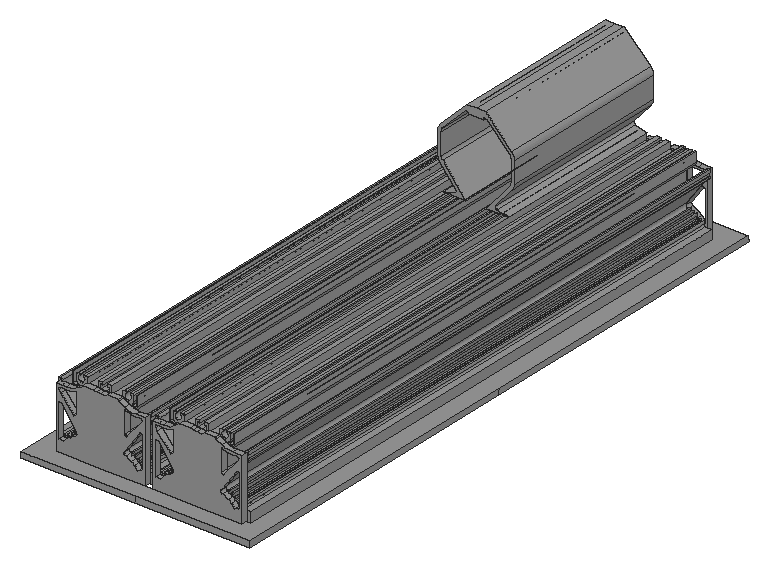
Revit family "L-street 48 Standart", category Осветительные приборы, Revit 2017 (continued)
Types (5, lengths in mm): name | built-in parameter 1150134 | Файл фотометрической сетки | built-in parameter 1150105 | Lumens | built-in parameter 1150106 | built-in parameter 1150142 | Wattage | built-in parameter 1150107 | Артикул
  L-street 48 Standart 5.0K Ш3 | 2 | "L-street 48-65-LLI3-5.0K-01 Standart.ies" | 677.36 (stored number, unit not read) | 8512 lm | 6.7736 (stored number, unit not read) | "IESNA:LM-63-1995\r\n[TEST]LEDEL\r\n[DATA]28.11.2018\r\n[MANUFAC]LEDEL\r\n[LUMCAT]L-street 48/65/Ш3/5.0К/01 Standart\r\n[LUMINAIRE]Для освещения городских улиц, придомовых территорий, парков и пр\r\n[LAMPCAT]LED\r\n[LAMP]OSRAM OSLON SQUARE\r\nTILT=NONE\r\n \r\n1 8512 8.599 91 37 1 2 0.533 0.164 0.148\r\n1 1 65\r\n\r\n0 1 2 3 4 5 6 7 8 9 10 11 12 13 14 15 16 17 18 19 20 21 22 23 24 25 26 27 28 29 30 31 32 33 34 35 36 37 38 39 40 41 42 43 44 45 46 47 48 49 50 51 52 53 54 55 56 57 58 59 60 61 62 63 64 65 66 67 68 69 70 71 72 73 74 75 76 77 78 79 80 81 82 83 84 85 86 87 88 89 90\r\n0 2.5 5 7.5 10 12.5 15 17.5 20 22.5 25 27.5 30 32.5 35 37.5 40 42.5 45 47.5 50 52.5 55 57.5 60 62.5 65 67.5 70 72.5 75 77.5 80 82.5 85 87.5 90 \r\n\r\n328.9 329.3 330.2 330.9 331.9 333.4 335.1 336.8 338.7 340.8 342.8 345 347.5 350.1 353 356 358.9 361.9 364.8 367.6 370.4 373.1 375.9 378.6 381.2 384 387.3 390.9 395 399.6 404.9 410.7 417.4 425.2 435.2 445.1 453.5 460.4 465.8 471.5 479.7 491.2 504.8 521 539.3 559.8 582 607.2 633.9 663 691.7 721.3 752.1 785.2 818.3 851.9 885.2 917 937 939.3 919 859.4 761.2 644.9 513.6 372.2 249 140.6 80.9 50.5 34.7 24.4 17.8 14.5 12.7 11.4 10.5 9.8 9.1 8.5 8 7.4 7 6.5 6.2 5.9 5.5 4.8 3.2 2.7 2.7\r\n328.9 329 329.5 330 330.7 331.9 333.2 334.6 336.2 338 339.8 341.8 344 346.5 349.2 352.1 354.9 357.8 360.7 363.6 366.4 369.2 372 374.9 377.8 380.7 383.9 387.3 391.1 395.4 400.3 405.6 411.7 418.6 427.2 436.3 444.8 452.4 459 464.7 471.7 481.1 492.7 506.6 522.4 540.2 559.7 581.7 605.8 631.5 658.1 685.9 714.5 745.8 778.3 812.3 846.4 879.2 904.3 916.2 905.6 859.1 774.4 661.5 532.7 402.1 293.1 196.3 120.8 68.8 45.8 31.7 22.8 18 15.4 13.6 12.3 11.3 10.5 9.8 9.1 8.5 7.9 7.3 6.9 6.5 6.1 5.5 4.3 3.3 2.9\r\n328.9 328.8 328.9 329 329.6 330.3 331.2 332.3 333.7 335.2 336.8 338.6 340.6 342.8 345.5 348.2 350.9 353.7 356.6 359.6 362.4 365.3 368.2 371.2 374.4 377.4 380.5 383.6 387.3 391.2 395.6 400.5 406 411.9 419.2 427.5 436 444.3 452.2 457.9 463.7 471 480.7 492.2 505.6 520.6 537.4 556.3 577.6 600 624.5 650.4 677 706.4 738.3 772.8 807.5 841.5 871.5 893.1 892.3 858.7 787.6 678.2 551.8 432 337.2 251.9 160.7 87.2 56.8 39 27.9 21.5 18 15.7 14.1 12.8 12 11.2 10.3 9.6 8.9 8.2 7.6 7.1 6.7 6.3 5.5 4 3.1\r\n328.9 329.4 330.2 331 332 333.4 335 336.7 338.6 340.6 342.6 344.7 347.1 349.6 352.4 355.2 358.1 360.9 363.6 366.2 368.8 371.4 374 376.6 379.2 382 385.3 388.8 392.6 397 402.2 407.8 414.4 421.9 431.2 440.5 448.4 454.9 460.4 466.2 474 484.8 497.7 513 530.2 549.4 569.9 593 617.3 643.5 669.5 695.9 722.8 751.4 780 808.5 835.6 860.9 877.7 881 869.3 832.1 763.8 664.3 532.5 377.6 247 136.9 77.5 48.8 34.8 24 17.1 14.1 12.4 11.1 10.2 9.6 8.9 8.3 7.8 7.2 6.8 6.3 6 5.7 5.4 4.7 3.1 2.7 2.7\r\n328.9 329.4 330.1 331 332.1 333.4 334.9 336.6 338.5 340.4 342.3 344.5 346.7 349.1 351.8 354.5 357.3 359.9 362.4 364.8 367.2 369.6 372.2 374.6 377.3 380.1 383.3 386.6 390.2 394.4 399.4 405 411.4 418.6 427.2 435.9 443.2 449.5 455 460.8 468.3 478.4 490.6 505 521.2 539.1 557.7 578.9 600.7 624.1 647.2 670.6 693.5 717.6 741.7 765.1 785.9 804.8 818.4 822.6 819.6 804.9 766.4 683.8 551.4 383.1 244.9 133.2 74 47.1 34.9 23.6 16.4 13.6 12.1 10.9 10 9.4 8.7 8.1 7.6 7 6.6 6.2 5.8 5.4 5.3 4.5 3 2.6 2.7\r\n328.9 329.4 330.2 331 332 333.3 334.7 336.2 338 339.7 341.5 343.5 345.5 347.8 350.3 353 355.7 358.2 360.7 363 365.4 367.8 370.3 372.8 375.5 378.3 381.5 384.8 388.6 392.8 397.6 403 409.3 416.1 424.2 432.5 439.5 445.4 450.6 455.9 462.5 471.1 481.3 493.2 506.3 520.8 536.2 553.5 571.6 591.3 611.2 631.8 652.8 675.7 698.9 722.2 742.8 761.3 775.1 781.3 780.2 768.4 735.8 659.6 539 387.4 258.5 153.6 86.2 51.2 36.2 25 17.1 13.6 12 10.8 9.8 9.2 8.5 8 7.4 6.9 6.5 6 5.7 5.4 5.1 4.5 3.1 2.7 2.7\r\n328.9 329.4 330.2 330.9 332 333.2 334.5 335.8 337.4 339.1 340.8 342.5 344.4 346.5 348.9 351.5 354.1 356.6 358.9 361.3 363.6 365.9 368.4 371 373.6 376.5 379.6 383.1 387 391.1 395.7 401 407.1 413.6 421.1 429 435.8 441.3 446.2 451 456.7 463.9 472 481.4 491.5 502.6 514.6 528.2 542.5 558.5 575.2 593 612 633.7 656.1 679.2 699.7 717.9 731.8 740 740.8 732 705.1 635.4 526.7 391.7 272.1 174 98.4 55.3 37.6 26.3 17.8 13.6 11.9 10.7 9.7 9 8.3 7.8 7.3 6.8 6.3 5.9 5.6 5.3 4.9 4.5 3.3 2.7 2.7\r\n328.9 329.5 330.3 331 332 333.1 334.2 335.5 337 338.5 340.1 341.6 343.4 345.3 347.5 350 352.5 354.9 357.3 359.6 361.8 364 366.3 368.6 371.2 373.8 376.8 380.1 383.8 387.6 392 396.7 402.2 408 414.6 421.4 427.4 432.1 436.2 439.9 444.1 449.8 456.5 464.2 472.4 481.7 492.1 504.3 517.4 532 547.1 562.9 578.6 594.9 610.3 625.2 636.8 644.4 646.8 642.2 628.3 601.4 558.5 487.4 398.1 300.5 218.4 153.5 97.9 57.3 37.8 25.4 16.7 12.7 11.3 10.1 9.1 8.4 7.8 7.3 6.8 6.4 5.9 5.5 5.2 4.9 4.6 4.3 3.2 2.7 2.7\r\n328.9 329.6 330.4 331 332 333 334 335.2 336.5 338 339.5 340.8 342.3 344.1 346.2 348.5 350.9 353.2 355.7 357.9 360.1 362.1 364.1 366.3 368.7 371.1 374 377.1 380.5 384.1 388.2 392.4 397.3 402.4 408 413.7 419 423 426.2 428.7 431.6 435.7 440.9 447 453.3 460.7 469.6 480.4 492.2 505.5 519.1 532.8 545.2 556 564.6 571.2 573.9 570.8 561.8 544.4 515.9 470.9 411.9 339.3 269.5 209.3 164.6 132.9 97.4 59.2 38 24.5 15.6 11.9 10.6 9.5 8.6 7.9 7.3 6.7 6.4 5.9 5.5 5.1 4.9 4.6 4.3 4 3 2.6 2.6\r\n328.9 329.6 330.3 330.9 331.7 332.6 333.5 334.6 335.8 337.1 338.4 339.6 341 342.5 344.5 346.6 348.8 351.1 353.5 355.6 357.6 359.4 361.2 363.2 365.5 367.9 370.6 373.6 377 380.4 384 387.7 391.8 395.9 400.4 404.8 409 412.2 414.8 416.7 419.1 422.5 426.9 432.4 438.2 444.8 451.8 459.6 467.6 476.2 484.4 492.1 497.8 501.1 501.5 498.2 489.1 471.8 446.9 414.5 377.6 335.3 291 243.7 199.4 161.3 132.5 111.4 88.8 60 38.2 24.5 15.5 11.5 10.1 9.1 8.1 7.4 6.8 6.3 5.9 5.6 5.2 4.8 4.5 4.3 4.1 3.8 3 2.6 2.6\r\n328.9 329.6 330.2 330.8 331.5 332.2 333 334 335.1 336.2 337.4 338.4 339.6 341 342.7 344.6 346.8 349 351.2 353.2 355.2 356.8 358.4 360.1 362.3 364.7 367.2 370.2 373.4 376.6 379.9 382.9 386.3 389.4 392.8 395.9 399 401.5 403.4 404.8 406.6 409.3 413 417.7 423.2 428.9 434.1 438.8 443 446.9 449.6 451.3 450.4 446.3 438.5 425.2 404.4 372.8 332.1 284.5 239.3 199.8 170 148 129.3 113.3 100.4 90 80.2 60.7 38.4 24.6 15.5 11.1 9.6 8.7 7.7 6.9 6.3 5.9 5.5 5.2 4.9 4.5 4.2 4 3.8 3.6 2.9 2.7 2.6\r\n328.9 329.6 330.1 330.7 331.3 331.9 332.7 333.7 334.6 335.6 336.6 337.5 338.6 339.9 341.4 343.2 345.2 347.2 349.1 350.9 352.7 354.2 355.8 357.6 359.7 362.1 364.5 367.1 369.7 372.2 374.7 377.2 379.9 382.5 385.1 387.6 390 392.2 394 395.5 397.2 398.9 400.9 403.2 405.8 408.1 409.5 410 409.2 407 401.9 393.5 379.6 360.7 338.2 313.8 287.4 259.5 230.5 200.1 171.3 146.3 126.5 111.3 98.3 88 80.3 73.6 62.6 45.5 29.8 19.7 12.9 9.9 8.7 7.8 6.9 6.3 5.7 5.3 5 4.7 4.4 4.1 3.8 3.6 3.4 3.1 2.7 2.6 2.5\r\n328.9 329.6 330 330.5 331 331.7 332.4 333.3 334.1 335 335.7 336.6 337.5 338.9 340.2 341.7 343.6 345.5 347 348.7 350.2 351.6 353.2 355.1 357.2 359.5 361.8 364 366 367.9 369.5 371.4 373.5 375.5 377.4 379.4 381.1 382.8 384.6 386.2 387.8 388.6 388.8 388.6 388.5 387.4 384.9 381.1 375.4 367.2 354.2 335.6 308.8 275.2 237.8 202.4 170.4 146.1 128.9 115.6 103.3 92.8 83 74.7 67.3 62.7 60.1 57.1 45.1 30.4 21.1 14.9 10.4 8.8 7.8 6.9 6.2 5.6 5.1 4.8 4.5 4.1 3.9 3.7 3.5 3.3 3.1 2.7 2.5 2.5 2.5\r\n328.9 329.5 329.8 330.3 330.6 331.2 331.7 332.4 333 333.7 334.2 334.8 335.4 336.4 337.3 338.6 340.1 341.7 343.1 344.6 346.1 347.4 348.8 350.3 352 353.8 355.5 357.1 358.6 360 361.2 362.3 363.6 365 366.4 368.1 369.5 370.4 370.9 370.8 370.5 369.4 367.5 364.9 361.4 356.8 349.7 339.5 325 306.7 283.4 257 228.1 199.7 172.9 149.4 128.6 112.2 99.6 89.2 79.7 71.9 64.6 58.5 52.9 49.3 46.4 42.2 33.6 24.5 18.4 13.7 10.1 8.5 7.6 6.7 6 5.3 4.8 4.5 4.3 3.9 3.7 3.5 3.3 3.1 3 2.6 2.4 2.4 2.4\r\n328.9 329.4 329.7 330 330.2 330.6 331 331.5 332 332.4 332.7 332.9 333.3 333.9 334.5 335.5 336.6 337.9 339.3 340.6 341.9 343.2 344.4 345.6 346.8 348.1 349.2 350.3 351.3 352.1 352.9 353.2 353.7 354.4 355.4 356.8 357.8 358 357.2 355.5 353.3 350.3 346.3 341.1 334.4 326.1 314.5 297.9 274.7 246.3 212.5 178.4 147.3 124.1 108 96.4 86.8 78.2 70.2 62.8 56.2 50.9 46.3 42.4 38.6 35.9 32.7 27.2 22.1 18.6 15.6 12.5 9.8 8.3 7.4 6.5 5.8 5.1 4.6 4.2 4.1 3.8 3.5 3.4 3.2 3 2.9 2.5 2.3 2.4 2.4\r\n328.9 329.4 329.6 329.8 330 330.2 330.4 330.7 330.9 331.1 331.2 331.3 331.4 331.6 332 332.8 333.6 334.8 335.8 337 338 339 339.9 340.7 341.5 342.3 343 343.7 344.2 344.5 344.8 344.9 345.1 345.2 345.2 345.4 345.1 344 342.1 339.1 334.9 329.9 323.6 315.4 304.1 289.5 270.1 246.3 218.3 189.8 161.8 137.2 116 100.1 88.3 79.2 71.4 64.3 57.9 52.2 47.2 43.1 39.5 36.3 33 30.2 27.2 23.3 19.6 16.9 14.4 11.8 9.5 8.3 7.4 6.6 5.8 5.1 4.5 4.1 3.9 3.6 3.4 3.3 3.1 2.9 2.8 2.5 2.3 2.3 2.4\r\n328.9 329.4 329.6 329.7 329.7 329.7 329.8 329.9 329.9 329.9 329.8 329.7 329.4 329.3 329.6 330 330.6 331.6 332.4 333.3 334.1 334.8 335.4 335.7 336.1 336.4 336.8 337 337.1 336.9 336.8 336.5 336.5 336.1 335 333.9 332.3 330.1 327 322.6 316.6 309.6 301 289.7 273.8 252.8 225.7 194.7 161.9 133.3 111 96 84.7 76.1 68.6 62 56 50.4 45.5 41.6 38.2 35.3 32.8 30.2 27.3 24.4 21.7 19.4 17.2 15.2 13.1 11 9.3 8.2 7.4 6.7 5.8 5.1 4.4 3.9 3.8 3.5 3.4 3.2 3 2.9 2.8 2.5 2.2 2.3 2.4\r\n328.9 329.3 329.4 329.4 329.3 329.2 329 328.9 328.7 328.5 328.2 327.9 327.5 327.2 327.2 327.5 327.9 328.5 329.1 329.6 330 330.3 330.4 330.6 330.7 330.8 330.8 330.7 330.4 330 329.4 328.5 327.5 326 324.1 321.7 318.8 314.9 310.1 304 296 286 272.6 255.5 233.2 207 178.6 151.5 126.8 106.9 91.5 80.4 71.6 64.3 58 52.5 47.6 43.4 39.8 36.8 34.2 31.8 29.5 27.1 24.8 22.5 20.3 18.4 16.5 14.8 13.1 11.5 9.9 8.6 7.6 6.8 6 5.3 4.5 4 3.7 3.5 3.3 3.1 2.9 2.8 2.7 2.5 2.2 2.2 2.3\r\n328.9 329.3 329.2 329.1 328.8 328.6 328.2 328 327.6 327.1 326.6 326.1 325.5 325.2 324.9 325 325.1 325.4 325.7 325.8 325.9 325.7 325.4 325.4 325.3 325.2 324.8 324.4 323.8 323 322.1 320.5 318.5 316 313.1 309.5 305.4 299.8 293.2 285.4 275.5 262.4 244.2 221.4 192.6 161.2 131.4 108.3 91.8 80.6 72 64.9 58.4 52.6 47.4 43 39.3 36.3 34 32.1 30.3 28.3 26.1 24.1 22.3 20.7 18.9 17.3 15.8 14.4 13.1 11.9 10.5 8.9 7.8 7 6.2 5.5 4.7 4 3.6 3.4 3.2 3.1 2.9 2.7 2.6 2.4 2.3 2.1 2.2\r\n328.9 329.2 329.1 328.9 328.5 328.1 327.6 327.1 326.5 325.8 325 324.2 323.5 322.9 322.5 322.3 322.2 322.1 322 321.7 321.1 320.5 319.8 319.4 319 318.6 318.3 318 317.4 316.3 314.8 312.5 309.6 306 301.6 296.4 290.5 283 273.9 262.7 247.9 229.2 205.3 179.3 152 127.2 106.1 90 78 69.4 62.5 56.6 51.2 46.4 42.2 38.8 35.9 33.6 31.7 29.9 28.2 26.4 24.5 22.9 21.5 20.1 18.6 17.3 16.1 14.8 13.7 12.7 11.6 10.2 8.7 7.5 6.6 5.9 5 4.3 3.7 3.4 3.2 3 2.9 2.7 2.6 2.4 2.2 2.1 2.2\r\n328.9 329.2 329 328.7 328.2 327.6 326.9 326.2 325.4 324.4 323.3 322.2 321.4 320.7 320.1 319.6 319.2 318.9 318.4 317.5 316.4 315.2 314.1 313.3 312.6 312.1 311.8 311.6 311 309.7 307.4 304.5 300.7 295.9 290.2 283.3 275.6 266.1 254.6 240 220.4 195.9 166.4 137.2 111.4 93.3 80.7 71.7 64.3 58.2 53 48.3 43.9 40.2 37.1 34.6 32.6 31 29.4 27.8 26.1 24.4 22.9 21.8 20.7 19.5 18.4 17.3 16.4 15.3 14.4 13.5 12.7 11.5 9.6 8 7 6.2 5.3 4.5 3.8 3.4 3.1 2.9 2.9 2.7 2.6 2.4 2.2 2.1 2.1\r\n328.9 329.1 328.9 328.5 327.9 327.2 326.4 325.6 324.6 323.3 322 320.8 319.8 318.9 318.2 317.5 316.8 316.1 315.1 313.9 312.4 310.9 309.5 308.4 307.3 306.4 305.9 305.3 304.4 302.7 300.3 297.2 293.3 288 281.6 274 265.3 254.3 240.7 223.1 200.5 173.9 145 119.4 98.6 84.1 73.5 65.7 59.1 54 49.5 45.3 41.5 38.2 35.5 33.3 31.4 29.8 28.2 26.6 25.1 23.6 22.2 21.1 20.2 19.3 18.5 17.7 16.9 16 15.1 14.3 13.5 12.5 11.1 9.6 7.9 6.6 5.7 4.9 4.1 3.5 3.2 2.9 2.8 2.7 2.6 2.4 2.2 2.1 2.1\r\n328.9 329.1 328.8 328.3 327.6 326.8 325.8 324.9 323.7 322.1 320.6 319.3 318.2 317 316.2 315.3 314.4 313.3 311.9 310.3 308.3 306.6 305 303.4 302 300.8 300 299.1 297.7 295.7 293.1 289.8 285.8 280.1 273 264.6 254.9 242.5 226.9 206.2 180.6 151.8 123.5 101.5 85.7 74.9 66.3 59.6 54 49.7 45.9 42.3 39 36.3 34 31.9 30.2 28.6 27 25.5 24.1 22.7 21.5 20.5 19.7 19.1 18.6 18 17.3 16.6 15.8 15 14.3 13.4 12.5 11.1 8.7 7.1 6.1 5.3 4.4 3.5 3.2 2.9 2.8 2.7 2.6 2.4 2.2 2.1 2\r\n328.9 329 328.7 328.1 327.3 326.4 325.3 324.1 322.7 320.9 319.1 317.6 316.3 315.1 313.9 312.8 311.5 309.9 307.9 305.7 303.5 301.4 299.5 297.5 295.7 294.2 292.6 290.6 288.1 285 281.6 277.4 272.1 265.3 257.3 247.5 235.5 219.7 200.5 176.6 150.6 125.6 104.1 88.2 76.4 67.6 60.4 54.7 50.1 46.5 43.3 40.4 37.5 35.2 33 31.1 29.4 28 26.4 25 23.6 22.4 21.1 20.3 19.8 19.2 18.7 18 17.3 16.6 15.9 15.5 15 14.4 13.9 12.8 11 9.1 7.1 5.8 4.8 3.9 3.3 3 2.8 2.7 2.6 2.4 2.2 2 2\r\n328.9 328.9 328.5 327.8 327 326 324.7 323.4 321.7 319.7 317.6 315.9 314.5 313.1 311.6 310.2 308.6 306.4 303.9 301.2 298.6 296.2 294 291.5 289.5 287.6 285.2 282.1 278.4 274.4 270.2 265 258.4 250.5 241.6 230.5 216 196.9 174.1 147 120.5 99.5 84.7 74.9 67 60.3 54.4 49.8 46.1 43.3 40.8 38.5 36.1 34 32 30.2 28.6 27.3 25.9 24.5 23.1 22 20.8 20.1 19.8 19.3 18.8 18 17.2 16.6 16.1 15.9 15.7 15.4 15.2 14.6 13.2 11.1 8.1 6.3 5.2 4.2 3.4 3 2.8 2.7 2.6 2.4 2.2 1.9 2\r\n328.9 328.9 328.5 327.7 326.8 325.6 324.3 322.8 320.9 318.7 316.5 314.6 312.9 311.3 309.7 307.9 305.7 303.1 300.1 297.1 294.1 291.4 288.9 286.5 284.2 281.7 278.6 274.9 270.7 266.1 260.9 254.6 247 238.2 228 214.8 198.1 176.2 151.4 125.6 103.6 87.8 76.3 68 61 55.2 50.3 46.6 43.7 41.5 39.4 37.3 35.1 33.1 31.3 29.7 28.2 27.1 25.8 24.6 23.2 22.1 21 20.3 19.9 19.4 19 18.3 17.7 17.1 16.5 16.2 16.1 15.8 15.4 14.6 13.5 11.9 9.7 7.9 5.9 4.6 3.8 3.2 2.8 2.7 2.5 2.4 2.2 2 2\r\n328.9 328.9 328.4 327.6 326.6 325.3 323.9 322.1 320.2 317.7 315.5 313.3 311.3 309.6 307.8 305.5 302.9 299.7 296.3 292.9 289.7 286.5 283.8 281.4 278.9 275.8 272.1 267.7 263 257.7 251.6 244.2 235.6 225.9 214.3 199.1 180.2 155.6 128.7 104.2 86.8 76 67.9 61.1 55 50 46.2 43.4 41.2 39.6 38 36.2 34.2 32.2 30.6 29.2 27.9 26.8 25.7 24.6 23.4 22.3 21.2 20.5 20 19.6 19.2 18.7 18.2 17.5 16.9 16.6 16.6 16.2 15.6 14.7 13.8 12.6 11.3 9.5 6.7 5 4.1 3.3 2.9 2.6 2.5 2.3 2.1 2 2\r\n328.9 328.9 328.4 327.5 326.4 325.1 323.6 321.7 319.6 317.1 314.7 312.3 310.2 308.2 306.1 303.5 300.4 296.8 293 289.3 285.8 282.4 279.6 276.9 274.1 270.5 266.3 261.4 256.2 250.1 243.2 235.1 226 215.2 202.2 185.4 164.9 140.2 115.8 95.1 80.7 71.6 64.3 57.9 52.3 47.8 44.6 42.2 40.4 39 37.5 35.7 33.8 31.9 30.4 29.1 27.9 26.8 25.6 24.5 23.5 22.5 21.6 20.9 20.4 20 19.7 19.3 18.7 17.9 17.1 16.4 16.1 15.7 15.1 14.4 13.4 12 10.7 9.2 7.3 5.8 4.5 3.6 3 2.7 2.4 2.3 2.1 2 2\r\n328.9 328.9 328.4 327.4 326.2 324.9 323.3 321.3 319 316.4 313.9 311.3 309 306.8 304.4 301.5 297.9 293.8 289.8 285.7 281.9 278.3 275.3 272.4 269.3 265.2 260.5 255.1 249.3 242.6 234.8 226.1 216.3 204.5 190.1 171.6 149.6 124.8 102.9 85.9 74.6 67.1 60.6 54.8 49.6 45.7 42.9 41 39.6 38.4 37 35.3 33.4 31.7 30.2 29 27.9 26.8 25.5 24.4 23.6 22.6 21.9 21.3 20.7 20.4 20.3 20 19.3 18.3 17.3 16.3 15.6 15.2 14.6 14 13 11.4 10.1 9 8 6.6 5 3.8 3.1 2.7 2.4 2.3 2.1 1.9 1.9\r\n328.9 328.9 328.2 327.1 325.9 324.5 322.8 320.6 318.3 315.7 313.1 310.5 308 305.6 302.9 299.6 295.7 291.3 287 282.6 278.7 275.2 272.2 269.1 265.7 261.3 256.3 250.5 244.3 237 228.7 219.3 208.6 195.5 179.4 159.1 136 112.5 93.6 79.8 70.4 63.7 57.4 51.9 47.3 44.1 41.9 40.3 39 37.9 36.5 34.9 33.1 31.6 30.2 28.9 27.6 26.4 25.3 24.4 23.6 23 22.6 22.3 22.1 21.9 21.5 20.7 19.8 18.7 17.6 16.5 15.6 14.8 13.9 13.2 12.1 10.9 9.8 8.8 7.7 6.5 5.2 4 3.1 2.7 2.4 2.3 2.1 1.9 1.9\r\n328.9 328.8 328 326.8 325.5 324.1 322.3 320 317.6 314.9 312.2 309.6 307 304.3 301.4 297.6 293.5 288.8 284.2 279.5 275.5 272 269 265.9 262 257.3 252 245.8 239.2 231.4 222.7 212.6 201 186.6 168.7 146.5 122.3 100.1 84.4 73.6 66.3 60.4 54.3 48.9 44.9 42.4 40.8 39.5 38.4 37.3 35.9 34.5 32.8 31.5 30.3 28.7 27.3 26.1 25.2 24.3 23.7 23.4 23.2 23.4 23.4 23.3 22.6 21.5 20.3 19.1 17.8 16.7 15.6 14.4 13.2 12.3 11.3 10.5 9.6 8.6 7.5 6.4 5.4 4.1 3.2 2.6 2.4 2.2 2.1 1.9 1.9\r\n328.9 328.8 328 326.8 325.6 324 322.1 319.8 317.3 314.6 311.8 309.2 306.4 303.5 300.2 296.1 291.6 286.6 281.7 276.8 272.7 269.1 266.1 262.7 258.6 253.5 248 241.7 234.8 226.8 217.9 207.5 195.5
